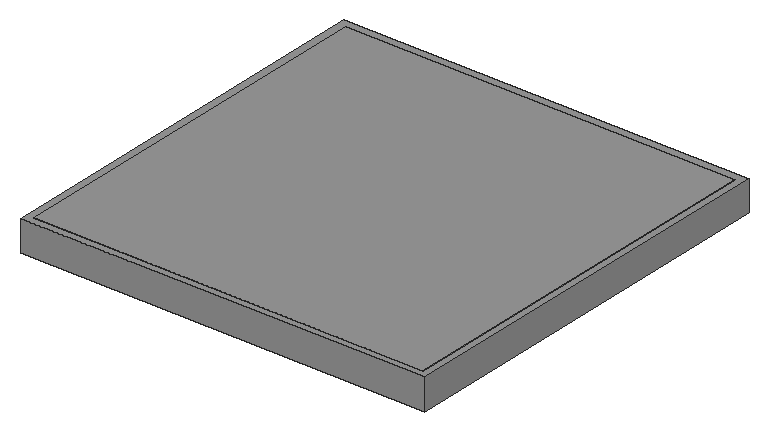
Revit family "ДВО-09 30 Вт Грильято DALI", category Осветительные приборы, Revit 2019 (continued)
Types (6, lengths in mm): name | Эффективность светильника | Файл фотометрической сетки | Тип рассеивателя | Световой поток модуля | built-in parameter 1150142 | Wattage | built-in parameter 1114217 | built-in parameter 1150134 | Lumens | built-in parameter 1150105 | Категория по ограничению яркости | built-in parameter 1150107 | built-in parameter 1150106 | Габаритная яркость | Артикул | URL
    3.2 433.1 432.9 432.7 432.4 432.1 431.8 431.4 431.1 430.8 430.4 429.9 429.3 428.9 428.3 427.7 427 426.4 425.7 424.9 424.2 423.4 422.6 421.7 420.8 420 418.9 417.9 416.7 415.7 414.4 413.2 411.7 410.5 409 407.7 405.9 404.5 402.7 401 399.2 397.4 395.2 393.5 391.2 389.1 386.6 384.2 381.6 379 375.9 373.2 370 367.1 363.4 360.2 356.5 353.1 349.1 345.7 341.6 338.1 333.8 330.2 326 322.4 317.9 314.3 310 306.4 302 298.4 294.3 290.9 286.6 283.3 279.2 275.8 271.8 268.2 264.3 260.7 256.5 252.9 248.8 245.2 240.8 237 232.7 229 224.7 221 216.7 212.8 208.6 204.9 200.6 196.7 192.4 188.6 184.2 180 175.4 171.2 166.5 162.1 157.2 152.8 147.8 143.5 138.5 134.3 129.5 125.3 120.8 117 112.6 108.7 104.7 101.2 97.4 93.9 90.3 87.1 83.6 80.6 77.2 74.4 71.3 68.5 65.7 63.2 60.6 58.5 56.2 54.4 52.3 50.7 49 47.5 46 44.7 43.6 42.7 41.5 40.7 39.8 38.9 38 37.1 36.1 35.2 34.2 33.2 32.1 31.2 30.1 29.1 28.1 27.3 26.2 25.3 24.2 23.1 21.8 20.5 18.9 17.4 15.6 14 12.3 10.8 9.1 7.7 6.2 5.2 4.1 3.6 3.3\r\n433.6 433.6 433.5 433.4 433.3 433.1 432.8 432.4 432.1 431.8 431.5 431.1 430.8 430.4 429.8 429.4 428.9 428.3 427.7 427.1 426.3 425.6 424.9 424.1 423.3 422.4 421.4 420.7 419.6 418.5 417.4 416.4 415.2 414.1 412.6 411.4 409.9 408.5 406.9 405.4 403.7 402.1 400.3 398.6 396.5 394.7 392.5 390.4 387.9 385.7 383.1 380.6 377.6 374.9 371.8 368.9 365.2 362.1 358.3 354.9 350.8 347.2 343 339.2 334.6 330.8 326.2 322.3 317.6 313.6 309.1 305.2 300.5 296.7 292.3 288.5 283.9 280.1 275.7 271.8 267.3 263.4 259 255.1 250.6 246.6 242.3 238.4 233.8 230 225.6 221.7 217.4 213.6 209.3 205.5 201.3 197.7 193.5 189.7 185.6 182 177.9 174.2 170 166.4 162.2 158.4 154.3 150.6 146.4 142.6 138.4 134.8 130.7 126.9 122.9 119.4 115.4 111.8 108 104.6 100.9 97.5 93.9 90.8 87.3 84.3 81 78.1 75 72.3 69.4 66.9 64.2 61.9 59.4 57.4 55.1 53.3 51.4 49.8 48.1 46.7 45.3 44.1 42.8 41.8 40.7 39.7 38.6 37.7 36.6 35.8 34.7 33.7 32.7 31.7 30.6 29.6 28.5 27.6 26.4 25.4 24.1 23 21.6 20.3 18.7 17.3 15.6 14.1 12.5 11.1 9.4 8.1 6.8 5.8 4.8 4.2 3.8\r\n433.7 433.7 433.8 433.8 433.7 433.4 433.2 432.8 432.5 432.2 431.9 431.5 431.2 430.8 430.3 429.9 429.5 428.9 428.3 427.7 427 426.3 425.6 424.8 423.9 423.2 422.1 421.3 420.2 419.2 418.2 417.1 416 414.9 413.5 412.3 410.9 409.4 407.8 406.4 404.7 403.2 401.4 399.8 397.7 395.9 393.8 391.8 389.2 387.2 384.6 382.2 379.2 376.6 373.5 370.7 367.1 363.9 360.2 356.7 352.5 348.7 344.3 340.3 335.5 331.3 326.5 322.3 317.2 313 308.3 304 299.1 295 290.2 286.1 281.1 276.9 272.1 267.8 262.8 258.6 253.7 249.6 244.6 240.3 235.8 231.7 226.9 223 218.5 214.5 210.1 206.2 202 198.1 194 190.4 186.3 182.7 178.8 175.4 171.6 168.3 164.6 161.5 158 154.8 151.3 148.4 144.9 141.7 138.3 135.3 131.8 128.5 125 121.9 118.2 114.9 111.2 108 104.4 101.1 97.6 94.5 91 88 84.7 81.9 78.8 76.1 73.1 70.6 67.7 65.3 62.7 60.5 57.9 55.9 53.8 52.1 50.2 48.6 47 45.6 44.1 42.9 41.7 40.5 39.3 38.3 37.2 36.3 35.2 34.3 33.2 32.2 31.1 30.1 28.9 27.8 26.6 25.5 24.1 22.9 21.4 20 18.5 17.2 15.6 14.2 12.6 11.3 9.8 8.4 7.3 6.3 5.5 4.8 4.3\r\n433.6 433.5 433.5 433.4 433.2 433 432.7 432.4 432.1 431.8 431.3 431 430.5 430.1 429.6 429.1 428.6 428 427.4 426.8 426 425.3 424.6 423.8 422.9 422.1 421 420.2 419.1 418.1 416.9 415.9 414.6 413.4 412 410.7 409.2 407.7 406 404.6 402.9 401.2 399.4 397.8 395.8 394 391.9 390 387.6 385.6 383.1 380.8 378 375.5 372.5 369.8 366.4 363.5 359.8 356.6 352.5 348.9 344.6 340.7 335.9 331.7 326.9 322.6 317.4 312.9 308 303.5 298.3 293.9 288.9 284.6 279.5 275.2 270.3 266.1 261.2 257.1 252.3 248.3 243.6 239.5 235.1 231.2 226.5 222.7 218.3 214.3 209.9 206.1 201.8 197.9 193.7 190.1 185.9 182.1 178 174.5 170.5 166.9 163 159.7 155.9 152.6 148.9 145.7 142.1 138.7 135.2 132.1 128.6 125.3 121.8 118.8 115.2 112.1 108.6 105.5 102.1 99 95.7 92.8 89.6 86.7 83.6 81 78 75.4 72.5 70.1 67.3 64.9 62.3 60.1 57.5 55.5 53.2 51.3 49.2 47.5 45.7 44.1 42.4 41 39.5 38.2 36.8 35.6 34.4 33.3 32.1 31 29.8 28.8 27.6 26.5 25.3 24.2 22.9 21.9 20.5 19.4 18 16.7 15.4 14.2 12.7 11.5 10.1 9 7.7 6.7 5.8 5.2 4.6 4.1 3.8\r\n433.4 433.2 433.1 432.9 432.7 432.5 432.2 432 431.6 431.3 430.8 430.5 429.9 429.4 428.8 428.4 427.8 427.1 426.4 425.8 425 424.3 423.6 422.7 421.9 421 419.9 419 417.9 417 415.6 414.6 413.2 412 410.4 409.1 407.5 405.9 404.3 402.7 401 399.2 397.4 395.8 393.9 392 390 388.2 385.9 383.9 381.5 379.4 376.7 374.4 371.5 369 365.7 363 359.5 356.5 352.5 349 344.9 341 336.3 332.2 327.3 322.9 317.5 312.9 307.6 303 297.5 292.8 287.6 283.2 277.8 273.4 268.5 264.4 259.6 255.5 251 247.1 242.6 238.7 234.4 230.6 226.2 222.3 218.1 214 209.8 206 201.7 197.8 193.5 189.7 185.4 181.5 177.3 173.5 169.3 165.6 161.5 157.9 153.9 150.3 146.4 143 139.2 135.8 132.1 128.9 125.3 122.1 118.7 115.7 112.2 109.2 105.9 103 99.8 97 93.8 91.1 88.2 85.4 82.5 80 77.2 74.6 71.9 69.6 66.9 64.6 62 59.7 57.2 55 52.6 50.5 48.2 46.3 44.3 42.5 40.6 39 37.3 36 34.3 33 31.6 30.3 29 27.8 26.5 25.4 24.1 22.9 21.7 20.6 19.3 18.2 17 15.9 14.6 13.4 12.2 11.1 9.8 8.7 7.6 6.6 5.7 5 4.3 4 3.7 3.5 3.4\r\n433.4 433.3 433.1 433 432.7 432.5 432.2 432 431.6 431.2 430.8 430.5 430 429.6 429.1 428.6 428.1 427.4 426.7 426 425.3 424.5 423.7 422.8 422 421.1 420.1 419.2 418.1 417.1 415.9 414.8 413.5 412.3 410.9 409.6 408.1 406.6 405 403.5 401.8 400.1 398.3 396.6 394.5 392.6 390.6 388.6 386.2 384.1 381.7 379.4 376.5 373.9 370.9 368.2 364.7 361.7 358.1 354.9 350.9 347.4 343.3 339.6 335.1 331.1 326.6 322.5 317.6 313.4 308.5 304.2 299.2 294.9 290 285.8 280.7 276.6 271.9 267.9 263.1 259.2 254.7 250.9 246.3 242.6 238.2 234.5 230 226.2 221.9 217.9 213.7 210 205.7 201.8 197.5 193.9 189.6 185.9 181.7 178 173.8 170 165.9 162.2 157.9 154.2 149.9 146.2 142 138.2 134 130.4 126.3 122.6 118.6 115.2 111.4 108 104.3 101.2 97.7 94.5 91.2 88.3 85.2 82.3 79.2 76.6 73.7 71.1 68.4 66.1 63.4 61.1 58.7 56.6 54.2 52.3 50.2 48.4 46.4 44.8 43.2 41.7 40.2 38.8 37.5 36.4 35.1 34 32.8 31.8 30.6 29.6 28.4 27.4 26.2 25.2 24.1 23.1 21.9 20.8 19.6 18.5 17.2 16 14.6 13.4 12 10.8 9.4 8.2 7 6 5 4.4 3.8 3.5 3.3\r\n433.4 433.4 433.2 433.1 432.8 432.5 432.2 431.9 431.6 431.2 430.8 430.5 430.2 429.8 429.4 428.8 428.3 427.7 426.9 426.2 425.5 424.7 423.8 422.9 422.2 421.2 420.2 419.3 418.3 417.2 416.2 415 413.9 412.7 411.3 410.1 408.7 407.3 405.7 404.2 402.6 400.9 399.1 397.3 395.2 393.3 391.1 389.1 386.6 384.3 381.8 379.3 376.2 373.5 370.3 367.3 363.7 360.4 356.7 353.4 349.3 345.8 341.8 338.2 333.9 330.1 325.9 322.2 317.6 313.8 309.4 305.5 300.9 297 292.4 288.4 283.6 279.8 275.3 271.3 266.6 262.8 258.4 254.6 250.1 246.4 242.1 238.4 233.9 230.1 225.7 221.8 217.6 213.9 209.6 205.8 201.6 198.1 193.9 190.2 186.1 182.5 178.4 174.5 170.3 166.4 162 158 153.4 149.4 144.8 140.5 135.9 131.8 127.3 123.1 118.6 114.8 110.6 106.7 102.8 99.3 95.5 92.1 88.6 85.5 82.1 79.1 75.9 73.3 70.3 67.6 64.8 62.5 59.8 57.7 55.4 53.5 51.2 49.6 47.7 46.3 44.5 43.3 42 40.9 39.7 38.7 37.7 36.9 35.9 35 34.1 33.2 32.2 31.4 30.3 29.4 28.4 27.5 26.4 25.6 24.4 23.4 22.2 21.1 19.7 18.5 17.1 15.7 14.2 12.8 11.3 9.8 8.2 7 5.7 4.8 4 3.5 3.3\r\n433.4 433.4 433.2 433.1 432.8 432.6 432.3 432 431.7 431.3 431 430.6 430.3 429.8 429.4 428.9 428.3 427.7 426.9 426.3 425.6 424.8 424 423.2 422.4 421.5 420.5 419.6 418.6 417.5 416.4 415.4 414.1 412.9 411.5 410.3 408.9 407.5 405.8 404.3 402.6 401 399.1 397.3 395.2 393.4 391.2 389.1 386.6 384.3 381.7 379.2 376.1 373.4 370.2 367.2 363.5 360.3 356.6 353.2 349.2 345.7 341.7 338.1 333.8 330.2 325.9 322.3 317.7 314.1 309.7 305.9 301.4 297.7 293.4 289.7 285.1 281.5 277.3 273.6 269.2 265.5 261.3 257.7 253.3 249.6 245.4 241.8 237.3 233.5 229.2 225.4 221.1 217.5 213.1 209.3 205.1 201.5 197.2 193.5 189.2 185.5 181.3 177.3 172.8 168.8 164.2 160 155.3 151.1 146.3 142 137.2 133.1 128.4 124.2 119.7 115.9 111.6 107.7 103.7 100.2 96.4 93 89.4 86.3 82.9 79.9 76.6 73.8 70.8 68.1 65.3 62.9 60.2 58.1 55.8 53.9 51.8 50.1 48.4 46.9 45.3 44 42.8 41.8 40.6 39.7 38.7 37.9 36.9 36.1 35.1 34.2 33.2 32.3 31.2 30.3 29.2 28.3 27.3 26.4 25.3 24.3 23.2 22.1 20.8 19.5 18 16.6 14.9 13.4 11.8 10.3 8.7 7.4 6 5 4 3.5 3.3\r\n433.4 433.4 433.2 433.1 432.9 432.7 432.4 432.1 431.8 431.4 431.1 430.8 430.4 429.9 429.3 428.9 428.3 427.7 427 426.4 425.7 424.9 424.2 423.4 422.6 421.7 420.8 420 418.9 417.9 416.7 415.7 414.3 413.2 411.7 410.5 409 407.7 405.9 404.5 402.7 401 399.2 397.4 395.3 393.5 391.3 389.1 386.6 384.3 381.6 379 375.9 373.2 370 367.1 363.4 360.2 356.5 353.1 349.1 345.7 341.6 338.1 333.8 330.2 326 322.4 317.9 314.3 310 306.4 302 298.4 294.3 290.9 286.6 283.3 279.2 275.8 271.8 268.2 264.3 260.7 256.5 252.9 248.8 245.2 240.8 237 232.7 229 224.6 221 216.7 212.8 208.6 204.9 200.6 196.7 192.4 188.6 184.2 180 175.4 171.2 166.5 162.1 157.2 152.8 147.8 143.5 138.5 134.3 129.5 125.3 120.8 117 112.6 108.7 104.7 101.2 97.4 93.9 90.3 87.1 83.7 80.6 77.2 74.4 71.3 68.5 65.7 63.2 60.6 58.5 56.2 54.4 52.3 50.7 49 47.4 46 44.7 43.6 42.7 41.5 40.7 39.8 38.9 38 37.1 36.1 35.2 34.2 33.2 32.1 31.2 30.1 29.1 28.1 27.3 26.2 25.3 24.2 23.1 21.8 20.5 18.9 17.4 15.6 14.1 12.3 10.8 9.1 7.7 6.2 5.2 4.1 3.6 3.3\r\n433.6 433.6 433.5 433.4 433.3 433.1 432.8 432.4 432.1 431.8 431.5 431.1 430.8 430.4 429.8 429.4 428.9 428.3 427.7 427.1 426.3 425.6 424.9 424.1 423.3 422.5 421.4 420.7 419.6 418.5 417.4 416.4 415.2 414.1 412.6 411.4 409.9 408.5 406.9 405.4 403.7 402.1 400.3 398.6 396.5 394.7 392.5 390.4 387.9 385.7 383.1 380.6 377.6 374.9 371.8 368.9 365.2 362.1 358.3 354.9 350.8 347.2 343 339.2 334.6 330.8 326.2 322.3 317.6 313.6 309.1 305.2 300.5 296.7 292.3 288.5 283.9 280.1 275.7 271.8 267.3 263.4 259 255.1 250.6 246.6 242.3 238.4 233.8 230 225.6 221.7 217.4 213.6 209.3 205.5 201.3 197.7 193.5 189.7 185.6 182 177.9 174.2 170 166.4 162.2 158.4 154.3 150.6 146.4 142.6 138.4 134.8 130.7 126.9 122.9 119.4 115.4 111.8 108 104.6 100.9 97.5 93.9 90.8 87.3 84.3 81 78.1 75 72.3 69.4 66.9 64.2 61.9 59.5 57.4 55.1 53.3 51.4 49.8 48.1 46.7 45.3 44.1 42.8 41.8 40.7 39.7 38.6 37.7 36.6 35.8 34.7 33.7 32.7 31.7 30.6 29.6 28.5 27.5 26.4 25.4 24.1 23 21.6 20.3 18.7 17.3 15.6 14.1 12.5 11.1 9.5 8.1 6.8 5.8 4.8 4.2 3.8\r\n433.7 433.7 433.8 433.8 433.7 433.4 433.2 432.8 432.5 432.2 431.9 431.5 431.2 430.8 430.3 429.9 429.5 428.9 428.3 427.7 427 426.3 425.6 424.8 423.9 423.2 422.1 421.3 420.2 419.2 418.2 417.1 416 414.9 413.5 412.3 410.9 409.4 407.8 406.4 404.7 403.2 401.4 399.8 397.7 395.9 393.8 391.8 389.2 387.2 384.6 382.2 379.2 376.6 373.5 370.7 367.1 363.9 360.2 356.7 352.5 348.7 344.3 340.3 335.5 331.3 326.5 322.3 317.2 313 308.3 304 299.1 295 290.2 286.1 281.1 276.9 272.1 267.8 262.8 258.6 253.7 249.6 244.6 240.3 235.8 231.7 226.9 223 218.5 214.5 210.1 206.2 202 198.1 194 190.4 186.3 182.7 178.8 175.4 171.6 168.3 164.6 161.5 158 154.8 151.3 148.4 144.9 141.7 138.3 135.3 131.8 128.5 125 121.9 118.2 114.9 111.2 108 104.4 101.1 97.6 94.5 91 88 84.7 81.9 78.8 76.1 73.1 70.6 67.7 65.3 62.7 60.5 57.9 55.9 53.8 52.1 50.2 48.6 47 45.6 44.1 42.9 41.7 40.5 39.3 38.3 37.2 36.3 35.2 34.3 33.2 32.2 31.1 30.1 28.9 27.8 26.6 25.5 24.1 22.9 21.4 20 18.5 17.2 15.6 14.2 12.6 11.3 9.8 8.4 7.3 6.3 5.5 4.8 4.3\r\n433.6 433.5 433.5 433.4 433.2 433 432.7 432.4 432.1 431.8 431.3 431 430.5 430.1 429.6 429.1 428.6 428 427.4 426.8 426 425.3 424.6 423.8 422.9 422.1 421 420.2 419.1 418.1 416.9 415.9 414.6 413.4 412 410.7 409.2 407.7 406 404.6 402.9 401.2 399.4 397.8 395.8 394 391.9 390 387.6 385.6 383.1 380.8 378 375.5 372.5 369.8 366.4 363.5 359.8 356.6 352.5 348.9 344.6 340.7 335.9 331.7 326.9 322.6 317.4 312.9 308 303.5 298.3 293.9 288.9 284.6 279.5 275.2 270.3 266.1 261.2 257.1 252.3 248.3 243.6 239.5 235.1 231.2 226.5 222.7 218.3 214.3 209.9 206.1 201.8 197.9 193.7 190.1 185.9 182.1 178 174.5 170.5 166.9 163 159.7 155.9 152.6 148.9 145.7 142.1 138.7 135.2 132.1 128.6 125.3 121.8 118.8 115.2 112.1 108.6 105.5 102.1 99 95.7 92.8 89.6 86.7 83.6 81 78 75.4 72.5 70.1 67.3 64.9 62.3 60.1 57.5 55.5 53.2 51.3 49.2 47.5 45.7 44.1 42.4 41 39.5 38.2 36.8 35.6 34.4 33.3 32.1 31 29.8 28.8 27.6 26.5 25.3 24.2 22.9 21.9 20.5 19.4 18 16.7 15.4 14.2 12.7 11.5 10.1 9 7.7 6.7 5.8 5.2 4.6 4.1 3.8\r\n433.4 433.2 433.1 432.9 432.7 432.5 432.2 432 431.6 431.3 430.8 430.5 429.9 429.4 428.8 428.4 427.8 427.1 426.4 425.8 425 424.3 423.6 422.7 421.9 421 419.9 419 417.9 417 415.6 414.6 413.2 412 410.4 409.1 407.5 405.9 404.3 402.7 401 399.2 397.4 395.8 393.9 392 390 388.2 385.9 383.9 381.5 379.4 376.7 374.4 371.5 369 365.7 363 359.5 356.5 352.5 349 344.9 341 336.3 332.2 327.3 322.9 317.5 312.9 307.6 303 297.5 292.8 287.6 283.2 277.8 273.4 268.5 264.4 259.6 255.5 251 247.1 242.6 238.7 234.4 230.6 226.2 222.3 218.1 214 209.8 206 201.7 197.8 193.5 189.7 185.4 181.5 177.3 173.5 169.3 165.6 161.5 157.9 153.9 150.3 146.4 143 139.2 135.8 132.1 128.9 125.3 122.1 118.7 115.7 112.2 109.2 105.9 103 99.8 97 93.8 91.1 88.2 85.4 82.5 80 77.2 74.6 71.9 69.6 66.9 64.6 62 59.7 57.2 55 52.6 50.5 48.2 46.3 44.3 42.5 40.6 39 37.3 36 34.3 33 31.6 30.3 29 27.8 26.5 25.4 24.1 22.9 21.7 20.6 19.3 18.2 17 15.9 14.6 13.4 12.2 11.1 9.8 8.7 7.6 6.6 5.7 5 4.3 4 3.7 3.5 3.4\r\n433.4 433.3 433.1 433 432.7 432.5 432.2 432 431.6 431.2 430.8 430.5 430 429.6 429.1 428.6 428.1 427.4 426.7 426 425.3 424.5 423.7 422.8 422 421.1 420.1 419.2 418.1 417.1 415.9 414.8 413.5 412.3 410.9 409.6 408.1 406.6 405 403.5 401.8 400.1 398.3 396.6 394.5 392.6 390.6 388.6 386.2 384.1 381.7 379.4 376.5 373.9 370.9 368.2 364.7 361.7 358.1 354.9 350.9 347.4 343.3 339.6 335.1 331.1 326.6 322.5 317.6 313.4 308.5 304.2 299.2 294.9 290 285.8 280.7 276.6 271.9 267.9 263.1 259.2 254.7 250.9 246.3 242.6 238.2 234.5 230 226.2 221.9 217.9 213.7 210 205.7 201.8 197.5 193.9 189.6 185.9 181.7 178 173.8 170 165.9 162.2 157.9 154.2 149.9 146.2 142 138.2 134 130.4 126.3 122.6 118.6 115.2 111.4 108 104.3 101.2 97.7 94.5 91.2 88.3 85.2 82.3 79.2 76.6 73.7 71.1 68.4 66.1 63.4 61.1 58.7 56.6 54.2 52.3 50.2 48.4 46.4 44.8 43.2 41.7 40.2 38.8 37.5 36.4 35.1 34 32.8 31.8 30.6 29.6 28.4 27.4 26.2 25.2 24.1 23.1 21.9 20.8 19.6 18.5 17.2 16 14.6 13.4 12 10.8 9.4 8.2 7 6 5 4.4 3.8 3.5 3.3\r\n433.4 433.4 433.2 433.1 432.8 432.5 432.2 431.9 431.6 431.2 430.8 430.5 430.2 429.8 429.4 428.8 428.3 427.7 426.9 426.2 425.5 424.7 423.8 422.9 422.2 421.2 420.2 419.3 418.3 417.2 416.2 415 413.9 412.7 411.3 410.1 408.7 407.3 405.7 404.2 402.6 400.9 399.1 397.3 395.2 393.3 391.1 389.1 386.6 384.3 381.8 379.3 376.2 373.5 370.3 367.3 363.7 360.4 356.7 353.4 349.3 345.8 341.8 338.2 333.9 330.1 325.9 322.2 317.6 313.8 309.4 305.5 300.9 297 292.4 288.4 283.6 279.8 275.3 271.3 266.6 262.8 258.4 254.6 250.1 246.4 242.1 238.4 233.9 230.1 225.7 221.8 217.6 213.9 209.6 205.8 201.6 198.1 193.9 190.2 186.1 182.5 178.4 174.5 170.3 166.4 162 158 153.4 149.4 144.8 140.5 135.9 131.8 127.3 123.1 118.6 114.8 110.6 106.7 102.8 99.3 95.5 92.1 88.6 85.5 82.1 79.1 75.9 73.3 70.3 67.6 64.8 62.5 59.8 57.7 55.4 53.5 51.2 49.6 47.7 46.3 44.5 43.3 42 40.9 39.7 38.7 37.7 36.9 35.9 35 34.1 33.2 32.2 31.4 30.3 29.4 28.4 27.5 26.4 25.6 24.4 23.4 22.2 21.1 19.7 18.5 17.1 15.7 14.2 12.8 11.3 9.8 8.2 7 5.7 4.8 4 3.5 3.3\r\n433.4 433.4 433.2 433.1 432.8 432.6 432.3 432 431.7 431.3 431 430.6 430.3 429.8 429.4 428.9 428.3 427.7 426.9 426.3 425.6 424.8 424 423.2 422.4 421.5 420.5 419.7 418.6 417.5 416.4 415.4 414.1 412.9 411.5 410.3 408.9 407.5 405.8 404.3 402.6 401 399.1 397.3 395.2 393.4 391.2 389.1 386.6 384.3 381.7 379.2 376.1 373.4 370.2 367.2 363.5 360.3 356.6 353.2 349.2 345.7 341.7 338.1 333.8 330.2 325.9 322.3 317.7 314.1 309.7 305.9 301.4 297.7 293.4 289.7 285.1 281.5 277.3 273.6 269.2 265.5 261.3 257.7 253.3 249.6 245.4 241.8 237.3 233.6 229.2 225.4 221.1 217.5 213.2 209.3 205.1 201.5 197.2 193.5 189.2 185.5 181.3 177.3 172.8 168.8 164.2 160 155.3 151.1 146.3 142 137.2 133 128.4 124.2 119.7 115.9 111.6 107.7 103.7 100.2 96.4 93 89.4 86.3 82.9 79.9 76.6 73.8 70.8 68.1 65.2 62.9 60.2 58.1 55.8 53.9 51.8 50.1 48.4 46.9 45.3 44 42.8 41.8 40.6 39.7 38.7 37.9 36.9 36.1 35.1 34.2 33.2 32.3 31.2 30.3 29.2 28.3 27.3 26.4 25.3 24.3 23.2 22.1 20.8 19.5 18 16.6 14.9 13.4 11.8 10.3 8.7 7.4 6 5 4 3.6 3.3\r\n433.4 433.4 433.2 433.1 432.9 432.7 432.4 432.1 431.8 431.4 431.1 430.8 430.4 429.9 429.3 428.9 428.3 427.7 427 426.4 425.7 424.9 424.2 423.4 422.6 421.7 420.8 420 418.9 417.9 416.7 415.7 414.4 413.2 411.7 410.5 409 
    407.7 405.9 404.5 402.7 401 399.2 397.4 395.2 393.5 391.2 389.1 386.6 384.2 381.6 379 375.9 373.2 370 367.1 363.4 360.2 356.5 353.1 349.1 345.7 341.6 338.1 333.8 330.2 326 322.4 317.9 314.3 310 306.4 302 298.4 294.3 290.9 286.6 283.3 279.2 275.8 271.8 268.2 264.3 260.7 256.5 252.9 248.8 245.2 240.8 237 232.7 229 224.7 221 216.7 212.8 208.6 204.9 200.6 196.7 192.4 188.6 184.2 180 175.4 171.2 166.5 162.1 157.2 152.8 147.8 143.5 138.5 134.3 129.5 125.3 120.8 117 112.6 108.7 104.7 101.2 97.4 93.9 90.3 87.1 83.6 80.6 77.2 74.4 71.3 68.5 65.7 63.2 60.6 58.5 56.2 54.4 52.3 50.7 49 47.5 46 44.7 43.6 42.7 41.5 40.7 39.8 38.9 38 37.1 36.1 35.2 34.2 33.2 32.1 31.2 30.1 29.1 28.1 27.3 26.2 25.3 24.2 23.1 21.8 20.5 18.9 17.4 15.6 14 12.3 10.8 9.1 7.7 6.2 5.2 4.1 3.6 3.3\r\n433.6 433.6 433.5 433.4 433.3 433.1 432.8 432.4 432.1 431.8 431.5 431.1 430.8 430.4 429.8 429.4 428.9 428.3 427.7 427.1 426.3 425.6 424.9 424.1 423.3 422.4 421.4 420.7 419.6 418.5 417.4 416.4 415.2 414.1 412.6 411.4 409.9 408.5 406.9 405.4 403.7 402.1 400.3 398.6 396.5 394.7 392.5 390.4 387.9 385.7 383.1 380.6 377.6 374.9 371.8 368.9 365.2 362.1 358.3 354.9 350.8 347.2 343 339.2 334.6 330.8 326.2 322.3 317.6 313.6 309.1 305.2 300.5 296.7 292.3 288.5 283.9 280.1 275.7 271.8 267.3 263.4 259 255.1 250.6 246.6 242.3 238.4 233.8 230 225.6 221.7 217.4 213.6 209.3 205.5 201.3 197.7 193.5 189.7 185.6 182 177.9 174.2 170 166.4 162.2 158.4 154.3 150.6 146.4 142.6 138.4 134.8 130.7 126.9 122.9 119.4 115.4 111.8 108 104.6 100.9 97.5 93.9 90.8 87.3 84.3 81 78.1 75 72.3 69.4 66.9 64.2 61.9 59.4 57.4 55.1 53.3 51.4 49.8 48.1 46.7 45.3 44.1 42.8 41.8 40.7 39.7 38.6 37.7 36.6 35.8 34.7 33.7 32.7 31.7 30.6 29.6 28.5 27.6 26.4 25.4 24.1 23 21.6 20.3 18.7 17.3 15.6 14.1 12.5 11.1 9.4 8.1 6.8 5.8 4.8 4.2 3.8\r\n433.7 433.7 433.8 433.8 433.7 433.4 433.2 432.8 432.5 432.2 431.9 431.5 431.2 430.8 430.3 429.9 429.5 428.9 428.3 427.7 427 426.3 425.6 424.8 423.9 423.2 422.1 421.3 420.2 419.2 418.2 417.1 416 414.9 413.5 412.3 410.9 409.4 407.8 406.4 404.7 403.2 401.4 399.8 397.7 395.9 393.8 391.8 389.2 387.2 384.6 382.2 379.2 376.6 373.5 370.7 367.1 363.9 360.2 356.7 352.5 348.7 344.3 340.3 335.5 331.3 326.5 322.3 317.2 313 308.3 304 299.1 295 290.2 286.1 281.1 276.9 272.1 267.8 262.8 258.6 253.7 249.6 244.6 240.3 235.8 231.7 226.9 223 218.5 214.5 210.1 206.2 202 198.1 194 190.4 186.3 182.7 178.8 175.4 171.6 168.3 164.6 161.5 158 154.8 151.3 148.4 144.9 141.7 138.3 135.3 131.8 128.5 125 121.9 118.2 114.9 111.2 108 104.4 101.1 97.6 94.5 91 88 84.7 81.9 78.8 76.1 73.1 70.6 67.7 65.3 62.7 60.5 57.9 55.9 53.8 52.1 50.2 48.6 47 45.6 44.1 42.9 41.7 40.5 39.3 38.3 37.2 36.3 35.2 34.3 33.2 32.2 31.1 30.1 28.9 27.8 26.6 25.5 24.1 22.9 21.4 20 18.5 17.2 15.6 14.2 12.6 11.3 9.8 8.4 7.3 6.3 5.5 4.8 4.3\r\n" | 28.948 W | 0.93 (stored number, unit not read) | 2 | 4300 lm | 342.18 (stored number, unit not read) | "3" | 5000 (stored number, unit not read) | 3.4218 (stored number, unit not read) | "" | "14946" | "http://innolux.pro/katalog/upravlenie-osveshheniem/dvo-09-30-vt-grilyato-dali/14946.html"
